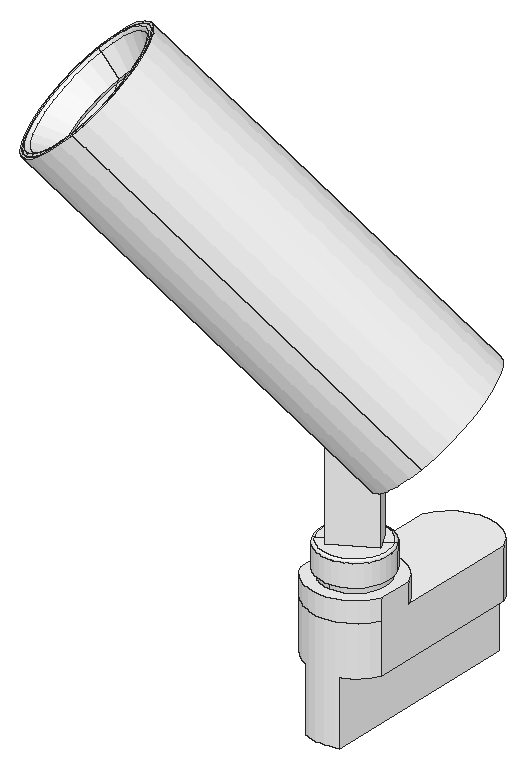
Revit family "0005446", category Lighting Fixtures, host Face, Revit 2017
Family settings
  Host = Face
  Round Connector Dimension = Use Diameter
  Part Type = Normal
  OmniClass Number = 23.80.70.00
  OmniClass Title = Lighting
  Cut with Voids When Loaded = No
  Light Source = No
  Shared = No
  Room Calculation Point = No
Parameters (values of type "0005446 PIXO SMALL 1600LM 940 NB MB WB WHT - 24 degree")
  Weight = "6.204 kg"
  Wattage Comments = ""
  WarrantyStartDate [instance] = "n/a"
  WarrantyGuarantorParts = "n/a"
  WarrantyDurationUnit = "n/a"
  WarrantyDurationParts = "n/a"
  WarrantyDescription = "n/a"
  Voltage = 0 V
  VerticalRotation_SYL [instance] = 60.00°
  VerticalEndAngle_SYL [instance] = VerticalRotation_SYL - 180.00°  # -120.00°
  URL = "http://www.sylvania-lighting.com"
  TypeName = "Pixo Small 1600lm 940 NB MB WB WHT"
  TypeHead_SYL = START Track Spot Integral Head : 0005446 24
  TypeArm_SYL = START Track Spot Integral Arm : START Track Spot Integral WH
  Type Image = <None>
  Type Comments = "n/a"
  SerialNumber [instance] = "n/a"
  Material_3_SYL = none
  PowerFactor = 0.9
  PowerConsumption = "17 W"
  NominalLength = 245 mm
  NominalHeight = 245 mm
  NominalDepth = 70 mm
  Name = "Pixo Small 1600lm 940 NB MB WB WHT"
  ModelReference = Name  # "Pixo Small 1600lm 940 NB MB WB WHT"
  ModelNumber = "0005446"
  Model = Name  # "Pixo Small 1600lm 940 NB MB WB WHT"
  Material = "n/a"
  ManufacturerName = "Feilo Sylvania"
  Manufacturer = "Feilo Sylvania"
  LuminousEfficacy = "95 lm/W"
  LuminaireType = ""
  LightOutputRatio = "n/a"
  LampsType = Lamp  # "LED"
  LampNominalLuminous = "1615 lm"
  LampMacAdamStep = "5"
  LampColourTemperature = "4000 K"
  LampColourRenderingIndex = "90"
  Lamp = "LED"
  Keynote = "16500"
  InstallationDate [instance] = "n/a"
  InputVoltage = "n/a"
  InputNominalFrequency = "n/a"
  IngressProtection = "IP20"
  ImpactProtectionIndex = "IK03"
  IfcExportType = "IfcLightFixtureType"
  IfcExportAs = "IfcLightFixtureType"
  HorizontalRotation_SYL [instance] = 45.00°
  ExpectedLife = 50000
  ElectricShockClassification = "Class I"
  DurationUnit = "hours"
  DocumentationLiterature = "http://www.sylvania-lighting.com/product/en-int/products/0005446"
  DimmingControlOptions = "n/a"
  Material_2_SYL = Spacer-Sylvania-StartTrackSpot-Aluminium
  Description = "Integrated LED spotlight, Textured White - RAL9016, simple and slick integral design with no driver box and without any visible screws, ideal for retail applications, die-cast aluminium body, passive cooling heatsink. Beam angle: 36°, additional lenses 24° and 54° beam angle included, color temperature: 4000k , total system power: 17W, total fixture output: 1615 lm, LOR: 100%, colour rendering: Ra: 90 typical, LED Chromaticity: 3 step MacAdam ellipse, lifetime: >50000 hours at L70B50, energy class: A++, A+, A, IR/UV free light source without heat radiation, operating voltage: 220-240V / 50-60Hz, electronic driver, non-dimmable, ultra low LED flickering rate (5% or less), power factor: >0.90, electrical protection: Class I, Global Track 3 Circuit GA69 adapter suitable for Global trac 3-circuit tracks, ingress protection rating: IP20, suitable for internal environment only, horizontal rotation: 345°, vertical tilt: 90°, dimensions: Ø60x70x245, weight: 0.517kg."
  Default Elevation = 1219.2 mm
  CreatedOn = "9/9/2020"
  CreatedBy = "@sylvania-lighting.com"
  Cost = 0
  built-in parameter 1114216 [instance] = (empty or 0)
  ClassificationValue = "EF_70_80"
  ClassificationName = "Uniclass2015"
  Material_1_SYL = Body-Sylvania-StartTrackSpot-White
  BarCode [instance] = "n/a"
  AssetType = "Fixed"
  AssetIdentifier [instance] = "n/a"
  Assembly Code = "D5020200"
  Apparent Load = 17 VA
  Material_4_SYL = none
Reference planes
  plane 1 "Center (Front/Back)": y = 0
  plane 2: z = 0
  plane 3 "Center (Left/Right)": x = 0
  plane 4: x = 16.6
  plane 5: x = -16.6
  plane 6: x = 7
  plane 7: x = -7
  plane 8: x = -12.8
  plane 9: y = 42
  plane 10: y = 42
  plane 11: y = -42
  plane 12: y = 31.4
  plane 13: y = -31.4
  plane 14: z = -26
  plane 15: z = 20.3
  plane 16: z = 28.5
  plane 17: z = 31.2
  plane 18: y = -17.4
  plane 19: y = -6.8
  plane 20: y = -24.4
Forms (mm)
  Extrusion 1, solid, material "Body-Sylvania-StartTrackSpot-White" <- "Material_1_SYL"
    sketch origin (0, 0, 0) x (1, 0, 0) y (0, 1, 0)
      loop
        line (-16.6, 31.4) -> (-16.6, -31.4)
        arc (-16.6, -31.4) -> (0, -42) -> (16.6, -31.4) r 18.298
        line (16.6, -31.4) -> (16.6, 31.4)
        arc (16.6, 31.4) -> (0, 42) -> (-16.6, 31.4) r 18.298
    from -26 to 20.3
  Extrusion 2, void
    sketch origin (0, 0, 0) x (1, 0, 0) y (0, 1, 0)
      loop
        arc (-7, 40.608) -> (-12.666, 36.907) -> (-16.6, 31.4) r 18.298
        line (-16.6, 31.4) -> (-16.6, -31.4)
        arc (-16.6, -31.4) -> (-12.666, -36.907) -> (-7, -40.608) r 18.298
        line (-7, -40.608) -> (-7, 40.608)
      loop
        line (16.6, -31.4) -> (16.6, 31.4)
        arc (16.6, 31.4) -> (12.666, 36.907) -> (7, 40.608) r 18.298
        line (7, 40.608) -> (7, -40.608)
        arc (7, -40.608) -> (12.666, -36.907) -> (16.6, -31.4) r 18.298
    from 0 to -26
  Extrusion 3, solid, material "Body-Sylvania-StartTrackSpot-White" <- "Material_1_SYL"
    sketch origin (1223.4, -4572, 20.3) x (0, -1, 0) y (-1, 0, 0)
      loop
        line (-4540.6, 1240) -> (-4554.6, 1240)
        arc (-4554.6, 1240) -> (-4565.2, 1223.4) -> (-4554.6, 1206.8) r 18.298
        line (-4554.6, 1206.8) -> (-4540.6, 1206.8)
        arc (-4540.6, 1206.8) -> (-4530, 1223.4) -> (-4540.6, 1240) r 18.298
    from -8.2 to 0
  Extrusion 4, solid, material "Spacer-Sylvania-StartTrackSpot-Aluminium" <- "Material_2_SYL"
    sketch origin (1223.4, -4572, 28.5) x (0, -1, 0) y (-1, 0, 0)
      loop
        circle (-4547.6, 1223.4) r 12.7
    from 0 to -2.7
  Revolve 5, solid, not visible
    sketch origin (1524, -24.4, 1219.2) x (1, 0, 0) y (0, 0, 1)
      loop
        line (-1524, -1188) -> (-1524, -1168.735) -> (-1531, -1168.735) -> (-1531, -1188) -> (-1524, -1188)
      axis (-1524, -1168.735) -> (-1524, -1188)
    angle from 60 <- "VerticalRotation_SYL" to -120 <- "VerticalEndAngle_SYL"
Cuts and joins
  Extrusion 2 cuts Extrusion 1
  joined: Extrusion 1, Extrusion 3
Lines and regions (mm)
  reference lines
    curve 1: circle (0, -24.4, 0) r 12.7 normal (0, 0, 1)
    curve 2: arc (-16.6, -31.4, 0) -> (0, -42, 0) -> (16.6, -31.4, 0) r 18.298
    curve 3: arc (-16.6, -17.4, 0) -> (0, -6.8, 0) -> (16.6, -17.4, 0) r 18.298
    curve 4: arc (-16.6, 31.4, 0) -> (0, 42, 0) -> (16.6, 31.4, 0) r 18.298
Dimensions and locks
  plane 6 to plane 3 "Center (Left/Right)" to plane 7 = 7 mm locked, 7 mm locked
  plane 4 to plane 3 "Center (Left/Right)" to plane 5 = 16.6 mm locked, 16.6 mm locked
  locked: plane 3 "Center (Left/Right)" to plane 8 at 12.8
  plane 11 to plane 1 "Center (Front/Back)" to plane 10 = 42 mm locked, 42 mm locked
  plane 13 to plane 1 "Center (Front/Back)" to plane 12 = 31.4 mm locked, 31.4 mm locked
  locked: plane 2 to plane 14 at 26
  locked: plane 15 to plane 2 at 20.3
  plane 17 to plane 16 to plane 15 = 2.7 mm locked, 8.2 mm locked
  locked: plane 13 to plane 18 at 14
  locked: plane 18 to plane 19 at 10.6
  equal spacing: plane 13, plane 20, plane 18
  locked: plane 20 to curve 2 at 0.698
  locked: curve 3 to plane 20 at 0.698
  aligned and locked: plane 2 to host face
  aligned and locked: level to host face
  aligned and locked: plane 3 "Center (Left/Right)" to curve 1
  aligned and locked: plane 20 to curve 1
  aligned and locked: plane 13 to curve 2  (x2)
  aligned and locked: plane 18 to curve 3  (x2)
  aligned and locked: plane 12 to curve 4  (x2)
  aligned and locked: plane 4 to curve 4
  aligned and locked: plane 3 "Center (Left/Right)" to curve 4
  aligned and locked: plane 5 to curve 2
  aligned and locked: plane 5 to curve 3
  aligned and locked: plane 4 to curve 3
  aligned and locked: plane 4 to curve 2
  aligned and locked: plane 12 to Extrusion 1 sketch curve
  aligned and locked: plane 13 to Extrusion 1 sketch curve
  aligned and locked: Extrusion 1 sketch curve to curve 4
  aligned and locked: Extrusion 1 sketch curve to curve 2
  aligned and locked: Extrusion 1 to plane 15
  aligned and locked: plane 14 to Extrusion 1
  aligned and locked: Extrusion 2 sketch curve to Extrusion 1  (x5)
  aligned and locked: Extrusion 2 sketch curve to plane 7
  aligned and locked: plane 14 to Extrusion 2
  aligned and locked: level to Extrusion 2
  aligned and locked: Extrusion 3 sketch curve to cut or joined group of Extrusion 1, Extrusion 2, Extrusion 3  (x2)
  aligned and locked: Extrusion 3 sketch curve to curve 3
  aligned and locked: cut or joined group of Extrusion 1, Extrusion 2, Extrusion 3 to Extrusion 3 sketch curve
  aligned and locked: Extrusion 3 to plane 16
  aligned and locked: plane 15 to Extrusion 3
  aligned and locked: Extrusion 4 sketch curve to curve 1
  aligned and locked: Extrusion 4 to plane 17
  aligned and locked: plane 16 to Extrusion 4
  aligned and locked: Revolve 5 sketch curve to plane 3 "Center (Left/Right)"
  aligned and locked: Extrusion 4 to Revolve 5 sketch curve
  aligned and locked: Revolve 5 sketch curve to Extrusion 4
  aligned and locked: plane 17 to nested 1
Automatic sketch dimensions
  host sketch curve to host sketch curve = 2438.4 mm  (x2)
  plane 12 to curve 4 = 7.698 mm
  plane 12 to Extrusion 2 sketch curve = 0 mm
  Extrusion 2 sketch curve to Extrusion 2 sketch curve = 0 mm  (x2)
  Extrusion 2 sketch curve to plane 6 = 0 mm
  Revolve 5 sketch curve to plane 7 = 0 mm
  Revolve 5 sketch curve to Revolve 5 sketch curve = 19.265 mm
  plane 14 to Revolve 5 sketch curve = 583.6 mm
  Revolve 5 sketch curve to Revolve 5 sketch curve = 2558.594 mm
  radius of curve 1 = 12.7 mm
Nested families
  nested 1: "START Track Spot Integral Arm" at (0, -24.4, 31.2) x (0, 0, -1) z (0.866, 0.5, 0), type <- "TypeArm_SYL", HorizontalRotation_SYL <- "HorizontalRotation_SYL", type "START Track Spot Integral WH"
    with HorizontalRotation_SYL 45.00°, HorizontalEndAngle_SYL -135.00°
  nested 2: "START Track Spot Integral Head" at (12.554, -17.152, 97.696) x (-0.5, 0.866, 0) z (0.6124, 0.3536, -0.7071), type "0005428 ST TRK SPT INTGRL 1500LM 940 MB WHT"
    with built-in parameter 1114216 (empty or 0)
Connectors
  electrical at (0, 0, 0), driven by "Apparent Load", driven by "PowerFactor", driven by "Voltage"
    settings: index 1, voltage 0 V, apparent load 17 VA, apparent load phase1 0 VA, apparent load phase2 0 VA, apparent load phase3 0 VA, power factor 0.9, load classification "Lighting", number of poles 1, system type 30, power factor state 1, is connector primary yes, connector utility no, sub classification motor no, connector description ""
Definition of nested family "START Track Spot Integral Arm"
  Parameters (values of type "START Track Spot Integral WH")
    URL = "http://www.sylvania-lighting.com"
    Type Image = (empty or 0)
    Type Comments = "n/a"
    Material_3_SYL = none
    Model = ""
    Manufacturer = "Feilo Sylvania"
    Keynote = ""
    Material_2_SYL = none
    HorizontalRotation_SYL [instance] = 0.00°
    HorizontalEndAngle_SYL [instance] = HorizontalRotation_SYL - 180.00°  # -180.00°
    Description = ""
    Default Elevation = 1219.2 mm
    Cost = 0
    Material_1_SYL = none
    Assembly Code = ""
    Material_4_SYL = none
  Types (2): name
    START Track Spot Integral WH
    START Track Spot Integral BL
  Reference planes
    plane 1 "Center (Front/Back)": y = 0
    plane 2: z = 0
    plane 3 "Center (Left/Right)": x = 0
    plane 4: x = -10
    plane 5: z = -14
    plane 6: z = -14
    plane 7: z = 14
    plane 8: x = -52
    plane 9: z = 9
    plane 10: z = -9
    plane 11: x = -60
    plane 12: y = 4.5
    plane 13: y = -4.5
    plane 14: x = -9
    plane 15: z = 13
    plane 16: z = 4
    plane 17: z = -4
    plane 18: x = -55
  Forms (mm)
    Extrusion 1, solid
      sketch origin (4.2, 0, 0) x (1, 0, 0) y (0, 1, 0)
        loop
          line (-1219.2, 1219.2) -> (-1219.2, -1219.2) -> (1219.2, -1219.2) -> (1219.2, 1219.2) -> (-1219.2, 1219.2)
      from 0 to -68.017
    Revolve 2, solid, material <- "Material_1_SYL"
      sketch origin (0, 0, 0) x (1, 0, 0) y (0, 0, 1)
        loop
          line (0, 0) -> (0, 14) -> (-9, 14)
          arc (-9, 14) -> (-9.707, 13.707) -> (-10, 13) r 1
          line (-10, 13) -> (-10, 0) -> (0, 0)
        axis (-10, 0) -> (0, 0)
      angle from 360 to 0
    Extrusion 3, solid, material <- "Material_1_SYL"
      sketch origin (0, 0, 0) x (1, 0, 0) y (0, 0, 1)
        loop
          line (-10, 9) -> (-55, 9)
          arc (-55, 9) -> (-58.536, 7.536) -> (-60, 4) r 5
          line (-60, 4) -> (-60, -4)
          arc (-60, -4) -> (-58.536, -7.536) -> (-55, -9) r 5
          line (-55, -9) -> (-10, -9) -> (-10, 9)
      from -4.5 to 4.5
    Revolve 4, solid, not visible
      sketch origin (-52, -4572, 2609.058) x (0, 0, 1) y (0, -1, 0)
        loop
          line (-2609.058, -4553.46) -> (-2609.058, -4590.54) -> (-2605.058, -4590.54) -> (-2605.058, -4553.46) -> (-2609.058, -4553.46)
        axis (-2609.058, -4553.46) -> (-2609.058, -4590.54)
      angle from 0 <- "HorizontalRotation_SYL" to -180 <- "HorizontalEndAngle_SYL"
  Dimensions and locks
    locked: plane 3 "Center (Left/Right)" to plane 4 at 10
    plane 7 to plane 2 to plane 6 = 14 mm locked, 14 mm locked
    locked: plane 4 to plane 8 at 42
    plane 13 to plane 1 "Center (Front/Back)" to plane 12 = 4.5 mm locked, 4.5 mm locked
    locked: plane 14 to plane 4 at 1
    locked: plane 7 to plane 15 at 1
    locked: plane 9 to plane 16 at 5
    locked: plane 17 to plane 10 at 5
    equal spacing: Revolve 4 sketch curve, plane 1 "Center (Front/Back)", Revolve 4 sketch curve
    locked: Revolve 4 sketch curve to plane 1 "Center (Front/Back)" at 18.54
    locked: plane 18 to plane 11 at 5
    locked: plane 4 to plane 11 at 50
    aligned and locked: plane 2 to Extrusion 1
    aligned and locked: level to Extrusion 1
    aligned and locked: level to Revolve 2 sketch curve  (x2)
    aligned and locked: plane 3 "Center (Left/Right)" to Revolve 2 sketch curve
    aligned and locked: Revolve 2 sketch curve to plane 7
    aligned and locked: plane 4 to Revolve 2 sketch curve
    aligned and locked: plane 15 to Revolve 2 sketch curve
    aligned and locked: plane 14 to Revolve 2 sketch curve
    aligned and locked: Revolve 2 sketch curve to plane 2
    aligned and locked: Extrusion 3 sketch curve to plane 9
    aligned and locked: plane 4 to Extrusion 3 sketch curve
    aligned and locked: plane 10 to Extrusion 3 sketch curve
    aligned and locked: Extrusion 3 sketch curve to plane 11
    aligned and locked: plane 13 to Extrusion 3
    aligned and locked: Extrusion 3 to plane 12
    aligned and locked: plane 16 to Extrusion 3 sketch curve
    aligned and locked: plane 17 to Extrusion 3 sketch curve
    aligned and locked: Revolve 4 sketch curve to level
    aligned and locked: Revolve 4 sketch curve to plane 16
    aligned and locked: Revolve 4 sketch curve to plane 2
    aligned and locked: plane 18 to Extrusion 3 sketch curve  (x2)
Definition of nested family "START Track Spot Integral Head"
  Parameters (values of type "0005446 24")
    WidthCutOut_SYL = 9.5 mm  # constant formula
    Wattage Comments = "n/a"
    Wattage = 17 W
    built-in parameter 1150110 = 1 (stored number, unit not read)
    URL = "http://www.sylvania-lighting.com"
    Type Image = (empty or 0)
    Type Comments = "n/a"
    built-in parameter 1114217 = 1 (stored number, unit not read)
    Tilt Angle = 90.00°
    built-in parameter 1150109 = 1 (stored number, unit not read)
    built-in parameter 1150134 = 12
    built-in parameter 1150113 = 1 (stored number, unit not read)
    S_SYL = yes
    RadiusLensOut_SYL = if(S_SYL, 21 mm, if(M_SYL, 30.5 mm, 33 mm))  # 21 mm
    RadiusLensHolder_SYL = 1.8 mm  # constant formula
    RadiusHead_SYL = if(S_SYL, 30 mm, if(M_SYL, 40 mm, 45.5 mm))  # 30 mm
    RadiusEmission_SYL = if(S_SYL, 8 mm, if(M_SYL, 16.5 mm, 16.5 mm))  # 8 mm
    Photometric Web File = "0005446_24.ies"
    built-in parameter 1150142 = "IESNA:LM-63-2002\r\n[TEST] 202010553\r\n[TESTLAB] \r\n[TESTDATE] 21 May 2020\r\n[ISSUEDATE] 21 May 2020\r\n[MANUFAC] Sylvania\r\n[LUMCAT] 202010553\r\n[LUMINAIRE] FT1079-W-4000£¨24¡ã£©\r\n[FLASHAREA] 0.000514\r\n[LAMPCAT] 202010553\r\n[LAMP] LED 17W\r\nTILT=NONE\r\n1 1551.40 1.0 181 4 1 2 -0.052 -0.052 0.000\r\n1.00 1.00 16.57\r\n0.00 1.00 2.00 3.00 4.00 5.00 6.00 7.00 8.00 9.00 10.00 \r\n11.00 12.00 13.00 14.00 15.00 16.00 17.00 18.00 19.00 \r\n20.00 21.00 22.00 23.00 24.00 25.00 26.00 27.00 28.00 \r\n29.00 30.00 31.00 32.00 33.00 34.00 35.00 36.00 37.00 \r\n38.00 39.00 40.00 41.00 42.00 43.00 44.00 45.00 46.00 \r\n47.00 48.00 49.00 50.00 51.00 52.00 53.00 54.00 55.00 \r\n56.00 57.00 58.00 59.00 60.00 61.00 62.00 63.00 64.00 \r\n65.00 66.00 67.00 68.00 69.00 70.00 71.00 72.00 73.00 \r\n74.00 75.00 76.00 77.00 78.00 79.00 80.00 81.00 82.00 \r\n83.00 84.00 85.00 86.00 87.00 88.00 89.00 90.00 91.00 \r\n92.00 93.00 94.00 95.00 96.00 97.00 98.00 99.00 100.00 \r\n101.00 102.00 103.00 104.00 105.00 106.00 107.00 108.00 \r\n109.00 110.00 111.00 112.00 113.00 114.00 115.00 116.00 \r\n117.00 118.00 119.00 120.00 121.00 122.00 123.00 124.00 \r\n125.00 126.00 127.00 128.00 129.00 130.00 131.00 132.00 \r\n133.00 134.00 135.00 136.00 137.00 138.00 139.00 140.00 \r\n141.00 142.00 143.00 144.00 145.00 146.00 147.00 148.00 \r\n149.00 150.00 151.00 152.00 153.00 154.00 155.00 156.00 \r\n157.00 158.00 159.00 160.00 161.00 162.00 163.00 164.00 \r\n165.00 166.00 167.00 168.00 169.00 170.00 171.00 172.00 \r\n173.00 174.00 175.00 176.00 177.00 178.00 179.00 180.00 \r\n0.00 30.00 60.00 90.00 \r\n5130.37 5103.97 5029.09 4913.24 4760.66 4583.24 4386.85 \r\n4166.50 3924.06 3664.83 3393.99 3112.51 2833.52 2554.20 \r\n2286.13 2027.21 1788.29 1568.43 1370.99 1195.08 1039.13 \r\n904.54 788.74 691.33 611.27 547.69 490.63 446.01 407.87 \r\n374.55 345.35 318.84 295.25 272.75 250.72 229.71 210.95 \r\n194.13 179.05 165.27 153.09 141.82 131.88 122.66 114.14 \r\n106.25 99.39 93.12 86.97 81.06 75.55 71.09 66.86 62.96 \r\n59.31 55.56 51.70 48.21 44.94 41.93 38.83 35.49 32.44 \r\n30.09 28.08 26.24 24.51 22.68 20.33 18.05 15.85 13.83 \r\n12.00 10.32 8.86 7.59 6.28 4.89 3.48 2.45 1.72 1.30 0.99 \r\n0.74 0.52 0.31 0.13 0.02 0.01 0.010 0.01 0.01 0.01 0.01 \r\n0.01 0.01 0.01 0.01 0.01 0.01 0.01 0.01 0.01 0.01 0.01 \r\n0.01 0.01 0.01 0.01 0.01 0.01 0.01 0.01 0.01 0.01 0.01 \r\n0.01 0.01 0.01 0.01 0.01 0.01 0.01 0.01 0.01 0.01 0.01 \r\n0.01 0.01 0.01 0.01 0.01 0.01 0.01 0.01 0.01 0.01 0.01 \r\n0.01 0.01 0.01 0.01 0.01 0.01 0.01 0.01 0.01 0.01 0.01 \r\n0.01 0.01 0.01 0.01 0.01 0.01 0.01 0.01 0.01 0.01 0.01 \r\n0.01 0.01 0.01 0.01 0.01 0.01 0.01 0.01 0.01 0.01 0.01 \r\n0.01 0.01 0.01 0.01 0.01 0.01 0.01 0.01 0.01 0.01\r\n5135.92 5110.99 5037.47 4923.34 4772.75 4598.40 4399.38 \r\n4176.24 3933.18 3672.96 3401.64 3123.84 2844.85 2566.57 \r\n2297.47 2040.61 1802.05 1581.82 1384.16 1209.42 1052.10 \r\n917.36 799.16 700.50 619.84 551.82 497.18 449.61 410.58 \r\n376.59 347.12 320.78 297.12 275.35 253.41 232.66 214.37 \r\n198.17 183.29 169.46 157.05 145.89 135.80 126.64 118.39 \r\n110.71 103.48 96.64 89.83 83.15 77.28 72.47 68.39 64.24 \r\n60.11 55.87 51.72 47.91 44.78 41.99 38.76 35.70 32.80 \r\n30.28 28.22 26.37 24.54 22.62 20.41 18.12 15.93 13.89 \r\n12.00 10.32 8.82 7.47 6.19 4.85 3.59 2.58 1.81 1.31 1.00 \r\n0.75 0.52 0.32 0.15 0.05 0.01 0.01 0.01 0.01 0.01 0.010 \r\n0.01 0.01 0.01 0.01 0.01 0.01 0.01 0.01 0.01 0.01 0.01 \r\n0.01 0.01 0.01 0.01 0.01 0.01 0.01 0.01 0.01 0.01 0.01 \r\n0.01 0.01 0.01 0.01 0.01 0.01 0.01 0.01 0.01 0.01 0.01 \r\n0.01 0.01 0.01 0.01 0.01 0.01 0.01 0.01 0.01 0.01 0.01 \r\n0.01 0.01 0.01 0.01 0.01 0.01 0.01 0.01 0.01 0.01 0.01 \r\n0.01 0.01 0.01 0.01 0.01 0.01 0.01 0.01 0.01 0.01 0.01 \r\n0.01 0.01 0.01 0.01 0.01 0.01 0.01 0.01 0.01 0.01 0.01 \r\n0.01 0.01 0.01 0.01 0.01 0.01 0.01 0.01 0.01 0.01\r\n5118.73 5093.20 5021.61 4909.84 4763.31 4589.03 4389.38 \r\n4165.91 3923.77 3664.65 3393.75 3118.70 2842.30 2563.24 \r\n2295.45 2042.36 1807.62 1591.14 1395.27 1220.91 1065.40 \r\n931.53 815.14 715.90 633.84 566.15 510.35 461.80 419.71 \r\n384.60 353.55 326.17 302.12 278.52 256.40 235.98 217.45 \r\n200.50 185.26 171.41 159.04 147.90 137.65 128.18 119.44 \r\n111.63 104.29 97.34 90.38 83.66 77.70 72.50 67.94 63.86 \r\n59.81 55.93 52.01 48.06 44.61 41.50 38.24 35.24 32.69 \r\n30.29 28.23 26.35 24.52 22.45 20.37 18.11 15.95 13.90 \r\n12.03 10.37 8.88 7.52 6.20 4.89 3.68 2.64 1.86 1.33 0.99 \r\n0.74 0.53 0.32 0.16 0.06 0.01 0.01 0.01 0.01 0.01 0.01 \r\n0.01 0.01 0.01 0.01 0.01 0.01 0.01 0.01 0.01 0.01 0.01 \r\n0.01 0.01 0.01 0.01 0.01 0.01 0.01 0.01 0.01 0.01 0.01 \r\n0.01 0.01 0.01 0.01 0.01 0.01 0.01 0.01 0.01 0.01 0.01 \r\n0.01 0.01 0.01 0.01 0.01 0.01 0.01 0.01 0.01 0.01 0.01 \r\n0.01 0.01 0.01 0.01 0.01 0.01 0.01 0.01 0.01 0.01 0.01 \r\n0.01 0.01 0.01 0.01 0.01 0.01 0.01 0.01 0.01 0.01 0.01 \r\n0.01 0.01 0.01 0.01 0.01 0.01 0.01 0.01 0.01 0.01 0.01 \r\n0.01 0.01 0.01 0.01 0.01 0.01 0.01 0.01 0.01 0.01\r\n5112.82 5085.10 5014.43 4904.63 4758.26 4581.73 4382.53 \r\n4158.94 3915.28 3654.22 3383.61 3106.18 2828.93 2553.76 \r\n2286.99 2035.26 1799.92 1585.23 1390.60 1216.15 1062.18 \r\n929.91 814.51 716.68 635.11 569.21 509.58 461.95 421.45 \r\n386.15 354.80 326.55 301.90 279.25 257.20 235.81 217.28 \r\n200.12 184.84 170.88 158.54 147.40 137.41 128.27 120.15 \r\n112.54 105.08 97.70 90.60 83.38 77.42 72.62 68.29 64.45 \r\n60.17 55.88 51.69 47.85 44.76 41.87 38.69 35.65 33.07 \r\n30.37 28.30 26.41 24.64 22.53 20.45 18.19 16.00 13.97 \r\n12.08 10.43 8.93 7.56 6.22 4.86 3.62 2.54 1.78 1.28 0.98 \r\n0.73 0.52 0.33 0.17 0.07 0.01 0.01 0.01 0.01 0.01 0.01 \r\n0.01 0.01 0.01 0.01 0.01 0.01 0.01 0.01 0.01 0.01 0.01 \r\n0.01 0.01 0.01 0.01 0.01 0.01 0.01 0.01 0.01 0.01 0.01 \r\n0.01 0.01 0.01 0.01 0.01 0.01 0.01 0.01 0.01 0.01 0.01 \r\n0.01 0.01 0.01 0.01 0.01 0.01 0.01 0.01 0.01 0.01 0.01 \r\n0.01 0.01 0.01 0.01 0.01 0.01 0.01 0.01 0.01 0.01 0.01 \r\n0.01 0.01 0.01 0.01 0.01 0.01 0.01 0.01 0.01 0.01 0.01 \r\n0.01 0.01 0.01 0.01 0.01 0.01 0.01 0.01 0.01 0.01 0.01 \r\n0.01 0.01 0.01 0.01 0.01 0.01 0.01 0.01 0.01 0.01"
    Material_3_SYL = none
    Model = "ST TRK SPT INTGRL 1550LM 940 WB WHT"
    Manufacturer = "Feilo Sylvania"
    M_SYL = no
    built-in parameter 1150105 = 123.35 (stored number, unit not read)
    Lumens = 1550 lm
    built-in parameter 1150115 = 1 (stored number, unit not read)
    built-in parameter 1150137 = (empty or 0)
    built-in parameter 1150139 = (empty or 0)
    built-in parameter 1150112 = 1 (stored number, unit not read)
    built-in parameter 1150114 = 1 (stored number, unit not read)
    Lamp = "LED"
    Keynote = "16500"
    Material_2_SYL = none
    built-in parameter 1150132 = (empty or 0)
    built-in parameter 1150102 = (empty or 0)
    built-in parameter 1150107 = 4000 (stored number, unit not read)
    built-in parameter 1150138 = (empty or 0)
    built-in parameter 1150106 = 1.2335 (stored number, unit not read)
    Height_SYL = if(S_SYL, 160 mm, if(M_SYL, 200 mm, 215 mm))  # 160 mm
    Emit from Circle Diameter = RadiusLensOut_SYL * 2  # 42 mm
    Emit Shape Visible in Rendering = no
    built-in parameter 1150104 = 8.4706 (stored number, unit not read)
    DistRotateAxisY_SYL = 16.8 mm  # constant formula
    Dimming Lamp Color Temperature Shift = (empty or 0)
    Description = ""
    DepthLens_SYL = 1.25 * (RadiusHead_SYL - 1 mm - RadiusLensOut_SYL)  # 10 mm
    DepthEmission_SYL = Height_SYL / 6.4  # 25 mm
    DepthCutOut_SYL = WidthCutOut_SYL * 2  # 19 mm
    Default Elevation = 1219.2 mm
    Cost = 0
    Color Filter = 16777215
    built-in parameter 1114216 [instance] = (empty or 0)
    Material_1_SYL = none
    built-in parameter 1114218 = 1 (stored number, unit not read)
    built-in parameter 1150133 = 10 (stored number, unit not read)
    Assembly Code = "D5020200"
    Apparent Load = 17 VA
    Material_4_SYL = none
  Types (3, lengths in mm): name | Photometric Web File | built-in parameter 1150142
    0005446 24 | "0005446_24.ies" | "IESNA:LM-63-2002\r\n[TEST] 202010553\r\n[TESTLAB] \r\n[TESTDATE] 21 May 2020\r\n[ISSUEDATE] 21 May 2020\r\n[MANUFAC] Sylvania\r\n[LUMCAT] 202010553\r\n[LUMINAIRE] FT1079-W-4000£¨24¡ã£©\r\n[FLASHAREA] 0.000514\r\n[LAMPCAT] 202010553\r\n[LAMP] LED 17W\r\nTILT=NONE\r\n1 1551.40 1.0 181 4 1 2 -0.052 -0.052 0.000\r\n1.00 1.00 16.57\r\n0.00 1.00 2.00 3.00 4.00 5.00 6.00 7.00 8.00 9.00 10.00 \r\n11.00 12.00 13.00 14.00 15.00 16.00 17.00 18.00 19.00 \r\n20.00 21.00 22.00 23.00 24.00 25.00 26.00 27.00 28.00 \r\n29.00 30.00 31.00 32.00 33.00 34.00 35.00 36.00 37.00 \r\n38.00 39.00 40.00 41.00 42.00 43.00 44.00 45.00 46.00 \r\n47.00 48.00 49.00 50.00 51.00 52.00 53.00 54.00 55.00 \r\n56.00 57.00 58.00 59.00 60.00 61.00 62.00 63.00 64.00 \r\n65.00 66.00 67.00 68.00 69.00 70.00 71.00 72.00 73.00 \r\n74.00 75.00 76.00 77.00 78.00 79.00 80.00 81.00 82.00 \r\n83.00 84.00 85.00 86.00 87.00 88.00 89.00 90.00 91.00 \r\n92.00 93.00 94.00 95.00 96.00 97.00 98.00 99.00 100.00 \r\n101.00 102.00 103.00 104.00 105.00 106.00 107.00 108.00 \r\n109.00 110.00 111.00 112.00 113.00 114.00 115.00 116.00 \r\n117.00 118.00 119.00 120.00 121.00 122.00 123.00 124.00 \r\n125.00 126.00 127.00 128.00 129.00 130.00 131.00 132.00 \r\n133.00 134.00 135.00 136.00 137.00 138.00 139.00 140.00 \r\n141.00 142.00 143.00 144.00 145.00 146.00 147.00 148.00 \r\n149.00 150.00 151.00 152.00 153.00 154.00 155.00 156.00 \r\n157.00 158.00 159.00 160.00 161.00 162.00 163.00 164.00 \r\n165.00 166.00 167.00 168.00 169.00 170.00 171.00 172.00 \r\n173.00 174.00 175.00 176.00 177.00 178.00 179.00 180.00 \r\n0.00 30.00 60.00 90.00 \r\n5130.37 5103.97 5029.09 4913.24 4760.66 4583.24 4386.85 \r\n4166.50 3924.06 3664.83 3393.99 3112.51 2833.52 2554.20 \r\n2286.13 2027.21 1788.29 1568.43 1370.99 1195.08 1039.13 \r\n904.54 788.74 691.33 611.27 547.69 490.63 446.01 407.87 \r\n374.55 345.35 318.84 295.25 272.75 250.72 229.71 210.95 \r\n194.13 179.05 165.27 153.09 141.82 131.88 122.66 114.14 \r\n106.25 99.39 93.12 86.97 81.06 75.55 71.09 66.86 62.96 \r\n59.31 55.56 51.70 48.21 44.94 41.93 38.83 35.49 32.44 \r\n30.09 28.08 26.24 24.51 22.68 20.33 18.05 15.85 13.83 \r\n12.00 10.32 8.86 7.59 6.28 4.89 3.48 2.45 1.72 1.30 0.99 \r\n0.74 0.52 0.31 0.13 0.02 0.01 0.010 0.01 0.01 0.01 0.01 \r\n0.01 0.01 0.01 0.01 0.01 0.01 0.01 0.01 0.01 0.01 0.01 \r\n0.01 0.01 0.01 0.01 0.01 0.01 0.01 0.01 0.01 0.01 0.01 \r\n0.01 0.01 0.01 0.01 0.01 0.01 0.01 0.01 0.01 0.01 0.01 \r\n0.01 0.01 0.01 0.01 0.01 0.01 0.01 0.01 0.01 0.01 0.01 \r\n0.01 0.01 0.01 0.01 0.01 0.01 0.01 0.01 0.01 0.01 0.01 \r\n0.01 0.01 0.01 0.01 0.01 0.01 0.01 0.01 0.01 0.01 0.01 \r\n0.01 0.01 0.01 0.01 0.01 0.01 0.01 0.01 0.01 0.01 0.01 \r\n0.01 0.01 0.01 0.01 0.01 0.01 0.01 0.01 0.01 0.01\r\n5135.92 5110.99 5037.47 4923.34 4772.75 4598.40 4399.38 \r\n4176.24 3933.18 3672.96 3401.64 3123.84 2844.85 2566.57 \r\n2297.47 2040.61 1802.05 1581.82 1384.16 1209.42 1052.10 \r\n917.36 799.16 700.50 619.84 551.82 497.18 449.61 410.58 \r\n376.59 347.12 320.78 297.12 275.35 253.41 232.66 214.37 \r\n198.17 183.29 169.46 157.05 145.89 135.80 126.64 118.39 \r\n110.71 103.48 96.64 89.83 83.15 77.28 72.47 68.39 64.24 \r\n60.11 55.87 51.72 47.91 44.78 41.99 38.76 35.70 32.80 \r\n30.28 28.22 26.37 24.54 22.62 20.41 18.12 15.93 13.89 \r\n12.00 10.32 8.82 7.47 6.19 4.85 3.59 2.58 1.81 1.31 1.00 \r\n0.75 0.52 0.32 0.15 0.05 0.01 0.01 0.01 0.01 0.01 0.010 \r\n0.01 0.01 0.01 0.01 0.01 0.01 0.01 0.01 0.01 0.01 0.01 \r\n0.01 0.01 0.01 0.01 0.01 0.01 0.01 0.01 0.01 0.01 0.01 \r\n0.01 0.01 0.01 0.01 0.01 0.01 0.01 0.01 0.01 0.01 0.01 \r\n0.01 0.01 0.01 0.01 0.01 0.01 0.01 0.01 0.01 0.01 0.01 \r\n0.01 0.01 0.01 0.01 0.01 0.01 0.01 0.01 0.01 0.01 0.01 \r\n0.01 0.01 0.01 0.01 0.01 0.01 0.01 0.01 0.01 0.01 0.01 \r\n0.01 0.01 0.01 0.01 0.01 0.01 0.01 0.01 0.01 0.01 0.01 \r\n0.01 0.01 0.01 0.01 0.01 0.01 0.01 0.01 0.01 0.01\r\n5118.73 5093.20 5021.61 4909.84 4763.31 4589.03 4389.38 \r\n4165.91 3923.77 3664.65 3393.75 3118.70 2842.30 2563.24 \r\n2295.45 2042.36 1807.62 1591.14 1395.27 1220.91 1065.40 \r\n931.53 815.14 715.90 633.84 566.15 510.35 461.80 419.71 \r\n384.60 353.55 326.17 302.12 278.52 256.40 235.98 217.45 \r\n200.50 185.26 171.41 159.04 147.90 137.65 128.18 119.44 \r\n111.63 104.29 97.34 90.38 83.66 77.70 72.50 67.94 63.86 \r\n59.81 55.93 52.01 48.06 44.61 41.50 38.24 35.24 32.69 \r\n30.29 28.23 26.35 24.52 22.45 20.37 18.11 15.95 13.90 \r\n12.03 10.37 8.88 7.52 6.20 4.89 3.68 2.64 1.86 1.33 0.99 \r\n0.74 0.53 0.32 0.16 0.06 0.01 0.01 0.01 0.01 0.01 0.01 \r\n0.01 0.01 0.01 0.01 0.01 0.01 0.01 0.01 0.01 0.01 0.01 \r\n0.01 0.01 0.01 0.01 0.01 0.01 0.01 0.01 0.01 0.01 0.01 \r\n0.01 0.01 0.01 0.01 0.01 0.01 0.01 0.01 0.01 0.01 0.01 \r\n0.01 0.01 0.01 0.01 0.01 0.01 0.01 0.01 0.01 0.01 0.01 \r\n0.01 0.01 0.01 0.01 0.01 0.01 0.01 0.01 0.01 0.01 0.01 \r\n0.01 0.01 0.01 0.01 0.01 0.01 0.01 0.01 0.01 0.01 0.01 \r\n0.01 0.01 0.01 0.01 0.01 0.01 0.01 0.01 0.01 0.01 0.01 \r\n0.01 0.01 0.01 0.01 0.01 0.01 0.01 0.01 0.01 0.01\r\n5112.82 5085.10 5014.43 4904.63 4758.26 4581.73 4382.53 \r\n4158.94 3915.28 3654.22 3383.61 3106.18 2828.93 2553.76 \r\n2286.99 2035.26 1799.92 1585.23 1390.60 1216.15 1062.18 \r\n929.91 814.51 716.68 635.11 569.21 509.58 461.95 421.45 \r\n386.15 354.80 326.55 301.90 279.25 257.20 235.81 217.28 \r\n200.12 184.84 170.88 158.54 147.40 137.41 128.27 120.15 \r\n112.54 105.08 97.70 90.60 83.38 77.42 72.62 68.29 64.45 \r\n60.17 55.88 51.69 47.85 44.76 41.87 38.69 35.65 33.07 \r\n30.37 28.30 26.41 24.64 22.53 20.45 18.19 16.00 13.97 \r\n12.08 10.43 8.93 7.56 6.22 4.86 3.62 2.54 1.78 1.28 0.98 \r\n0.73 0.52 0.33 0.17 0.07 0.01 0.01 0.01 0.01 0.01 0.01 \r\n0.01 0.01 0.01 0.01 0.01 0.01 0.01 0.01 0.01 0.01 0.01 \r\n0.01 0.01 0.01 0.01 0.01 0.01 0.01 0.01 0.01 0.01 0.01 \r\n0.01 0.01 0.01 0.01 0.01 0.01 0.01 0.01 0.01 0.01 0.01 \r\n0.01 0.01 0.01 0.01 0.01 0.01 0.01 0.01 0.01 0.01 0.01 \r\n0.01 0.01 0.01 0.01 0.01 0.01 0.01 0.01 0.01 0.01 0.01 \r\n0.01 0.01 0.01 0.01 0.01 0.01 0.01 0.01 0.01 0.01 0.01 \r\n0.01 0.01 0.01 0.01 0.01 0.01 0.01 0.01 0.01 0.01 0.01 \r\n0.01 0.01 0.01 0.01 0.01 0.01 0.01 0.01 0.01 0.01"
    0005446 36 | "0005446_36.ies" | "IESNA:LM-63-2002\r\n[TEST] 202010553\r\n[TESTLAB] \r\n[TESTDATE] 21 May 2020\r\n[ISSUEDATE] 21 May 2020\r\n[MANUFAC] Sylvania\r\n[LUMCAT] 202010553\r\n[LUMINAIRE] FT1079-W-4000£¨36¡ã£©\r\n[FLASHAREA] 0.000514\r\n[LAMPCAT] 202010553\r\n[LAMP] LED 17W\r\nTILT=NONE\r\n1 1618.10 1.0 37 4 1 2 -0.052 -0.052 0.000\r\n1.00 1.00 16.59\r\n0.00 5.00 10.00 15.00 20.00 25.00 30.00 35.00 40.00 45.00 \r\n50.00 55.00 60.00 65.00 70.00 75.00 80.00 85.00 90.00 \r\n95.00 100.00 105.00 110.00 115.00 120.00 125.00 130.00 \r\n135.00 140.00 145.00 150.00 155.00 160.00 165.00 170.00 \r\n175.00 180.00 \r\n0.00 30.00 60.00 90.00 \r\n2985.50 2927.78 2651.09 2138.49 1457.71 922.42 546.36 \r\n301.10 163.05 94.34 60.38 40.50 28.29 18.85 11.22 5.06 \r\n1.37 0.20 0.00 0.00 0.00 0.00 0.00 0.00 0.00 0.00 0.00 \r\n0.00 0.00 0.00 0.00 0.00 0.00 0.00 0.00 0.00 0.00 \r\n2984.30 2928.15 2650.97 2136.36 1458.64 929.23 553.24 \r\n306.84 168.22 98.99 63.08 41.53 28.40 18.74 10.97 5.00 \r\n1.43 0.20 0.00 0.00 0.00 0.00 0.00 0.00 0.00 0.00 0.00 \r\n0.00 0.00 0.00 0.00 0.00 0.00 0.00 0.00 0.00 0.00 \r\n2983.85 2929.49 2649.52 2125.86 1450.28 925.03 557.20 \r\n312.58 171.85 100.58 63.40 41.69 28.66 18.83 11.02 4.89 \r\n1.36 0.19 0.00 0.00 0.00 0.00 0.00 0.00 0.00 0.00 0.00 \r\n0.00 0.00 0.00 0.00 0.00 0.00 0.00 0.00 0.00 0.00 \r\n2983.68 2929.30 2651.35 2121.68 1442.65 923.82 557.00 \r\n311.75 171.82 100.67 63.37 41.37 28.38 18.73 10.98 4.82 \r\n1.34 0.19 0.00 0.00 0.00 0.00 0.00 0.00 0.00 0.00 0.00 \r\n0.00 0.00 0.00 0.00 0.00 0.00 0.00 0.00 0.00 0.00 \r\n"
